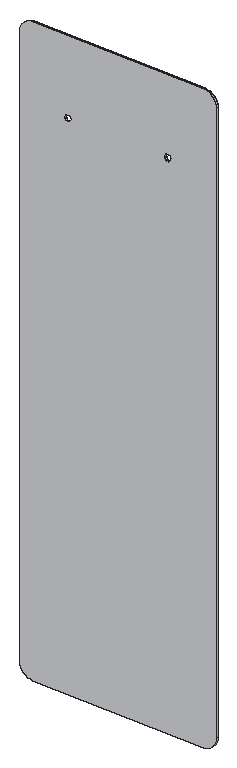
Revit family "Коврик для аэробики", category Оборудование, Revit 2017
Family settings
  Размер круглого соединителя = Использовать диаметр
  Тип детали = Нормальный
  На основе рабочей плоскости = Нет
  Всегда вертикально = Да
  При загрузке вырезать с полостями = Нет
  Общий = Нет
  Точка расчета площади = Нет
Parameters (values of type "Коврик для аэробики")
  Примечание = ""
  Обозначение = ""
  Наименование = "Коврик для аэробики"
  Масса = ""
  Код оборудования = ""
  Keynote = ""
  Изготовитель = "Severin"
  Завод = ""
  Единицы = "шт."
  Длина = 1830.0 mm
  Группа модели = "ТХ"  # constant formula
  Глубина = 610.0 mm
  Высота = 15.0 mm
Types (2, lengths in mm): name | Наименование | Изготовитель | Высота
  Коврик для йоги | "Коврик для йоги" | 0.0 | 4.0
  Коврик для аэробики | "Коврик для аэробики" | "Severin" | 15.0
Reference planes
  plane 1 "По центру (Вперед/Назад)": y = 0
  plane 2: z = 0
  plane 3 "По центру (Влево/Вправо)": x = 0
  plane 4: z = 1600
  plane 5: x = 0
  plane 6: x = 150
  plane 7: x = 460
Forms (mm)
  Extrusion 1, solid
    sketch origin (0, 0, 0) x (1, 0, 0) y (0, 0, 1)
      loop
        line (40, 0) -> (570, 0)
        arc (570, 0) -> (598.284, 11.716) -> (610, 40) r 40
        line (610, 40) -> (610, 1790)
        arc (610, 1790) -> (598.284, 1818.284) -> (570, 1830) r 40
        line (570, 1830) -> (40, 1830)
        arc (40, 1830) -> (11.716, 1818.284) -> (0, 1790) r 40
        line (0, 1790) -> (0, 40)
        arc (0, 40) -> (11.716, 11.716) -> (40, 0) r 40
      loop
        circle (150, 1600) r 10
      loop
        circle (460, 1600) r 10
    from 0 to 4
Dimensions and locks
  aligned and locked: level to plane 2
